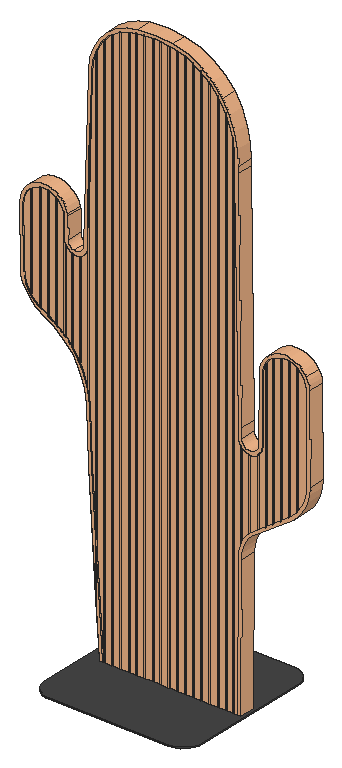
Revit family "Haworth_BuzziCactus_Gringo", category Furniture, Revit 2018 (continued)
Automatic sketch dimensions
  Extrusion 20 sketch curve to Extrusion 20 sketch curve = 1/4"
  Extrusion 20 sketch curve to plane 5 "Top" = 9.07804"
  Extrusion 20 sketch curve to plane 5 "Top" = 1.03581"
  plane 8 to Extrusion 21 sketch curve = 0.4561"
  Extrusion 21 sketch curve to plane 8 = 3.34502"
  Extrusion 21 sketch curve to Extrusion 21 sketch curve = 1/4"
  Extrusion 21 sketch curve to plane 5 "Top" = 9.07804"
  Extrusion 21 sketch curve to plane 5 "Top" = 1.49021"
  plane 8 to Extrusion 22 sketch curve = 0.4561"
  Extrusion 22 sketch curve to plane 8 = 4.34502"
  Extrusion 22 sketch curve to Extrusion 22 sketch curve = 1/4"
  Extrusion 22 sketch curve to plane 5 "Top" = 9.07804"
  Extrusion 22 sketch curve to plane 5 "Top" = 2.11579"
  plane 8 to Extrusion 23 sketch curve = 0.4561"
  Extrusion 23 sketch curve to plane 8 = 5.34502"
  Extrusion 23 sketch curve to Extrusion 23 sketch curve = 1/4"
  Extrusion 23 sketch curve to plane 5 "Top" = 9.07804"
  Extrusion 23 sketch curve to plane 5 "Top" = 2.96488"
  plane 8 to Extrusion 24 sketch curve = 0.4561"
  Extrusion 24 sketch curve to plane 8 = 6.34502"
  Extrusion 24 sketch curve to Extrusion 24 sketch curve = 1/4"
  Extrusion 24 sketch curve to plane 5 "Top" = 9.07804"
  Extrusion 24 sketch curve to plane 5 "Top" = 4.15174"
  plane 8 to Extrusion 25 sketch curve = 2.22921"
  Extrusion 25 sketch curve to plane 8 = 7.34502"
  Extrusion 25 sketch curve to Extrusion 25 sketch curve = 1/4"
  Extrusion 25 sketch curve to plane 5 "Top" = 10.2908"
  Extrusion 25 sketch curve to plane 5 "Top" = 5.92715"
  plane 8 to Extrusion 26 sketch curve = 2.22921"
  Extrusion 26 sketch curve to plane 8 = 8.22002"
  Extrusion 26 sketch curve to Extrusion 26 sketch curve = 1/4"
  Extrusion 26 sketch curve to plane 5 "Top" = 10.2908"
  Extrusion 26 sketch curve to plane 5 "Top" = 9.24994"
  Extrusion 27 sketch curve to plane 6 "Right" = 8.49482"
  Extrusion 27 sketch curve to Extrusion 27 sketch curve = 1/4"
  Extrusion 27 sketch curve to Extrusion 27 sketch curve = 0.91379"
  Extrusion 27 sketch curve to Extrusion 27 sketch curve = 3.83247"
  plane 11 "Base Top" to Extrusion 27 sketch curve = 17.14941"
  Extrusion 27 sketch curve to Extrusion 27 sketch curve = 1.63697"
  Extrusion 27 sketch curve to Extrusion 27 sketch curve = 9.97036"
  Extrusion 27 sketch curve to Extrusion 27 sketch curve = 0.25814"
  Extrusion 28 sketch curve to plane 6 "Right" = 7.49482"
  Extrusion 28 sketch curve to Extrusion 28 sketch curve = 0.16379"
  Extrusion 28 sketch curve to Extrusion 28 sketch curve = 1/4"
  Extrusion 28 sketch curve to Extrusion 28 sketch curve = 3.08247"
  plane 11 "Base Top" to Extrusion 28 sketch curve = 17.14941"
  Extrusion 28 sketch curve to Extrusion 28 sketch curve = 3.13761"
  Extrusion 28 sketch curve to Extrusion 28 sketch curve = 8.44412"
  Extrusion 28 sketch curve to Extrusion 28 sketch curve = 0.00668"
  plane 8 to Extrusion 29 sketch curve = 4.50229"
  Extrusion 29 sketch curve to plane 6 "Right" = 7.33104"
  Extrusion 29 sketch curve to Extrusion 29 sketch curve = 0.93377"
  Extrusion 29 sketch curve to Extrusion 29 sketch curve = 1/4"
  plane 11 "Base Top" to Extrusion 29 sketch curve = 21.08539"
  Extrusion 29 sketch curve to Extrusion 29 sketch curve = 0.15081"
  Extrusion 29 sketch curve to Extrusion 29 sketch curve = 8.05829"
  Extrusion 29 sketch curve to Extrusion 29 sketch curve = 0.26892"
  plane 8 to Extrusion 30 sketch curve = 4.50229"
  Extrusion 30 sketch curve to plane 6 "Right" = 4.64727"
  Extrusion 30 sketch curve to Extrusion 30 sketch curve = 1/4"
  Extrusion 30 sketch curve to Extrusion 30 sketch curve = 1.26363"
  plane 11 "Base Top" to Extrusion 30 sketch curve = 22.21148"
  Extrusion 30 sketch curve to Extrusion 30 sketch curve = 0.17489"
  Extrusion 30 sketch curve to Extrusion 30 sketch curve = 15.85622"
  Extrusion 30 sketch curve to Extrusion 30 sketch curve = 2.2568"
  plane 8 to Extrusion 31 sketch curve = 4.50229"
  Extrusion 31 sketch curve to plane 6 "Right" = 3.68134"
  Extrusion 31 sketch curve to Extrusion 31 sketch curve = 1/4"
  Extrusion 31 sketch curve to Extrusion 31 sketch curve = 0.54771"
  plane 11 "Base Top" to Extrusion 31 sketch curve = 22.90806"
  Extrusion 31 sketch curve to Extrusion 31 sketch curve = 0.18972"
  Extrusion 31 sketch curve to Extrusion 31 sketch curve = 15.14482"
  Extrusion 31 sketch curve to Extrusion 31 sketch curve = 2.66162"
  plane 8 to Extrusion 32 sketch curve = 4.50229"
  Extrusion 32 sketch curve to plane 6 "Right" = 3.13363"
  Extrusion 32 sketch curve to plane 6 "Right" = 2.68134"
  Extrusion 32 sketch curve to Extrusion 32 sketch curve = 1/4"
  plane 11 "Base Top" to Extrusion 32 sketch curve = 23.69165"
  Extrusion 32 sketch curve to Extrusion 32 sketch curve = 0.20654"
  Extrusion 32 sketch curve to Extrusion 32 sketch curve = 14.34441"
  Extrusion 32 sketch curve to Extrusion 32 sketch curve = 2.62507"
  Extrusion 33 sketch curve to plane 6 "Right" = 5.51388"
  Extrusion 33 sketch curve to plane 6 "Right" = 3.13363"
  Extrusion 33 sketch curve to plane 6 "Right" = 1.68134"
  Extrusion 33 sketch curve to Extrusion 33 sketch curve = 1/4"
  plane 11 "Base Top" to Extrusion 33 sketch curve = 24.60205"
  Extrusion 33 sketch curve to Extrusion 33 sketch curve = 0.30579"
  Extrusion 33 sketch curve to Extrusion 33 sketch curve = 10.25218"
  Extrusion 33 sketch curve to Extrusion 33 sketch curve = 2.11812"
  Extrusion 34 sketch curve to plane 5 "Top" = 2.71388"
  plane 8 to Extrusion 34 sketch curve = 7.52977"
  Extrusion 34 sketch curve to Extrusion 34 sketch curve = 1/4"
  plane 8 to Extrusion 34 sketch curve = 2.68069"
  Extrusion 34 sketch curve to Extrusion 34 sketch curve = 4.03446"
  plane 8 to Extrusion 35 sketch curve = 8.52977"
  Extrusion 35 sketch curve to Extrusion 35 sketch curve = 1/4"
  plane 8 to Extrusion 35 sketch curve = 2.68069"
  Extrusion 35 sketch curve to plane 5 "Top" = 6.74834"
  Extrusion 35 sketch curve to plane 5 "Top" = 4.38642"
  plane 8 to Extrusion 36 sketch curve = 4.50229"
  Extrusion 36 sketch curve to plane 6 "Right" = 5.44321"
  Extrusion 36 sketch curve to Extrusion 36 sketch curve = 1/4"
  Extrusion 36 sketch curve to Extrusion 36 sketch curve = 2.05957"
  plane 11 "Base Top" to Extrusion 36 sketch curve = 21.67858"
  Extrusion 36 sketch curve to Extrusion 36 sketch curve = 0.16354"
  Extrusion 36 sketch curve to Extrusion 36 sketch curve = 16.40047"
  Extrusion 36 sketch curve to Extrusion 36 sketch curve = 1.43181"
  Masking region 1 sketch curve to plane 7 "Left" = 8.06171"
  Masking region 1 sketch curve to plane 4 "Front" = 2 109/256"
  Masking region 1 sketch curve to plane 7 "Left" = 8.06883"
  Masking region 1 sketch curve to plane 3 "Back" = 2 109/256"  (x2)
  Masking region 1 sketch curve to Masking region 1 sketch curve = 0.00712"
  Masking region 1 sketch curve to plane 8 = 7.21955"
  Masking region 1 sketch curve to plane 4 "Front" = 2.42496"
  Masking region 1 sketch curve to plane 8 = 7.22037"
  Extrusion 37 sketch curve to Extrusion 37 sketch curve = 0"  (x117)
  Extrusion 37 sketch curve to plane 11 "Base Top" = 0"  (x2)
  Extrusion 37 sketch curve to plane 6 "Right" = 0"  (x2)
  Extrusion 37 sketch curve to plane 6 "Right" = 2.78818"
  Extrusion 37 sketch curve to Extrusion 37 sketch curve = 0.34545"
  Extrusion 37 sketch curve to plane 6 "Right" = 4.41235"
  Extrusion 37 sketch curve to plane 6 "Right" = 5.51388"
  Extrusion 37 sketch curve to Extrusion 37 sketch curve = 1.81715"
  Extrusion 37 sketch curve to plane 6 "Right" = 8.53479"
  Extrusion 37 sketch curve to Extrusion 37 sketch curve = 0.39852"
  Extrusion 37 sketch curve to plane 8 = 2.46924"
  plane 8 to Extrusion 37 sketch curve = 0.4561"
  plane 8 to Extrusion 37 sketch curve = 1.63765"
  Extrusion 37 sketch curve to Extrusion 37 sketch curve = 1.77311"
  plane 8 to Extrusion 37 sketch curve = 2.68069"
  plane 8 to Extrusion 37 sketch curve = 4.50229"
  plane 8 to Extrusion 37 sketch curve = 7.61169"
  Extrusion 37 sketch curve to Extrusion 37 sketch curve = 0.39988"
  Extrusion 37 sketch curve to Extrusion 37 sketch curve = 5.81196"
  Extrusion 37 sketch curve to Extrusion 37 sketch curve = 0.25439"
  Extrusion 37 sketch curve to Extrusion 37 sketch curve = 0.31951"
  Extrusion 37 sketch curve to Extrusion 37 sketch curve = 0.01734"
  Extrusion 37 sketch curve to Extrusion 37 sketch curve = 2.0035"
  Extrusion 37 sketch curve to Extrusion 37 sketch curve = 2.6506"
  Extrusion 37 sketch curve to Extrusion 37 sketch curve = 1.91443"
  plane 7 "Left" to Extrusion 37 sketch curve = 0.67074"
  plane 7 "Left" to Extrusion 37 sketch curve = 0.93257"
  plane 7 "Left" to Extrusion 37 sketch curve = 4.16436"
  Extrusion 37 sketch curve to plane 5 "Top" = 25.26003"
  plane 7 "Left" to Extrusion 37 sketch curve = 31.45639"
  plane 11 "Base Top" to Extrusion 37 sketch curve = 30.56644"
  Extrusion 37 sketch curve to Extrusion 37 sketch curve = 278 21/32"
  Extrusion 37 sketch curve to plane 5 "Top" = 34.90472"
  Extrusion 37 sketch curve to Extrusion 37 sketch curve = 132.70285"
  plane 11 "Base Top" to Extrusion 37 sketch curve = 13.0302"
  Extrusion 37 sketch curve to Extrusion 37 sketch curve = 154.72301"
  plane 11 "Base Top" to Extrusion 37 sketch curve = 35.24752"
  Extrusion 37 sketch curve to Extrusion 37 sketch curve = 67.12653"
  plane 6 "Right" to Extrusion 37 sketch curve = 0.18518"
  plane 6 "Right" to Extrusion 37 sketch curve = 26.00201"
  Extrusion 37 sketch curve to plane 5 "Top" = 24.6746"
  Extrusion 37 sketch curve to Extrusion 37 sketch curve = 490.21009"
  Extrusion 37 sketch curve to Extrusion 37 sketch curve = 72.20432"
  Extrusion 37 sketch curve to Extrusion 37 sketch curve = 34.7489"
  Extrusion 37 sketch curve to plane 5 "Top" = 20.50846"
  Extrusion 37 sketch curve to Extrusion 37 sketch curve = 78.33031"
  plane 11 "Base Top" to Extrusion 37 sketch curve = 17.14941"
  plane 11 "Base Top" to Extrusion 37 sketch curve = 22.24829"
  Extrusion 37 sketch curve to Extrusion 37 sketch curve = 4.89821"
  Extrusion 37 sketch curve to Extrusion 37 sketch curve = 10.84101"
  Extrusion 37 sketch curve to Extrusion 37 sketch curve = 2.4228"
  Extrusion 37 sketch curve to Extrusion 37 sketch curve = 3.38303"
  Extrusion 37 sketch curve to plane 5 "Top" = 34.08133"
  Extrusion 37 sketch curve to Extrusion 37 sketch curve = 7.52368"
  Extrusion 37 sketch curve to Extrusion 37 sketch curve = 7.82938"
  Extrusion 37 sketch curve to Extrusion 37 sketch curve = 0.21827"
  Extrusion 37 sketch curve to Extrusion 37 sketch curve = 12.64036"
  Extrusion 37 sketch curve to Extrusion 37 sketch curve = 3.51275"
  Extrusion 37 sketch curve to Extrusion 37 sketch curve = 1.305"
  Extrusion 37 sketch curve to Extrusion 37 sketch curve = 0.08574"
  Extrusion 37 sketch curve to Extrusion 37 sketch curve = 0.04624"
  Extrusion 37 sketch curve to Extrusion 37 sketch curve = 2.02354"
  Extrusion 37 sketch curve to Extrusion 37 sketch curve = 0.48609"
  Extrusion 37 sketch curve to Extrusion 37 sketch curve = 2.98844"
  Extrusion 37 sketch curve to Extrusion 37 sketch curve = 12.75643"
  Extrusion 37 sketch curve to Extrusion 37 sketch curve = 6.3944"
  Extrusion 37 sketch curve to plane 5 "Top" = 11.16429"
  Extrusion 37 sketch curve to Extrusion 37 sketch curve = 6.47474"
  Extrusion 37 sketch curve to Extrusion 37 sketch curve = 1.21275"
  Extrusion 37 sketch curve to Extrusion 37 sketch curve = 2.32971"
  Extrusion 37 sketch curve to plane 5 "Top" = 6.53029"
  Extrusion 37 sketch curve to plane 6 "Right" = 51/128"
  Extrusion 37 sketch curve to Extrusion 37 sketch curve = 0.0029"
  Extrusion 37 sketch curve to Extrusion 37 sketch curve = 0.00277"
  Extrusion 37 sketch curve to Extrusion 37 sketch curve = 0.00303"
  Extrusion 37 sketch curve to Extrusion 37 sketch curve = 0.39806"
  Extrusion 38 sketch curve to plane 7 "Left" = 1.23717"
  Extrusion 38 sketch curve to Extrusion 38 sketch curve = 1/4"
  Extrusion 38 sketch curve to Extrusion 38 sketch curve = 1.6716"
  Extrusion 38 sketch curve to Extrusion 38 sketch curve = 3.26283"
  Extrusion 38 sketch curve to plane 5 "Top" = 21 27/32"
  Extrusion 38 sketch curve to Extrusion 38 sketch curve = 0.18815"
  Extrusion 38 sketch curve to Extrusion 38 sketch curve = 6.97327"
  Extrusion 38 sketch curve to Extrusion 38 sketch curve = 2.56829"
  Extrusion 39 sketch curve to plane 7 "Left" = 2.35935"
  Extrusion 39 sketch curve to Extrusion 39 sketch curve = 1/4"
  Extrusion 39 sketch curve to Extrusion 39 sketch curve = 0.29942"
  Extrusion 39 sketch curve to Extrusion 39 sketch curve = 4.49183"
  Extrusion 39 sketch curve to plane 5 "Top" = 21.43357"
  Extrusion 39 sketch curve to Extrusion 39 sketch curve = 0.0418"
  Extrusion 39 sketch curve to Extrusion 39 sketch curve = 3.46052"
  Extrusion 39 sketch curve to Extrusion 39 sketch curve = 7.15442"
  plane 7 "Left" to Extrusion 40 sketch curve = 4.16436"
  Extrusion 40 sketch curve to plane 7 "Left" = 2.90877"
  Extrusion 40 sketch curve to Extrusion 40 sketch curve = 0.44678"
  Extrusion 40 sketch curve to Extrusion 40 sketch curve = 1/4"
  Extrusion 40 sketch curve to plane 5 "Top" = 21.45514"
  Extrusion 40 sketch curve to Extrusion 40 sketch curve = 0.05697"
  Extrusion 40 sketch curve to Extrusion 40 sketch curve = 11.2256"
  Extrusion 40 sketch curve to Extrusion 40 sketch curve = 0.14464"
  plane 7 "Left" to Extrusion 41 sketch curve = 0.93257"
  Extrusion 41 sketch curve to plane 7 "Left" = 2.90877"
  Extrusion 41 sketch curve to Extrusion 41 sketch curve = 1.4127"
  Extrusion 41 sketch curve to Extrusion 41 sketch curve = 1/4"
  Extrusion 41 sketch curve to plane 5 "Top" = 21.83789"
  Extrusion 41 sketch curve to Extrusion 41 sketch curve = 0.18646"
  Extrusion 41 sketch curve to Extrusion 41 sketch curve = 11.82096"
  Extrusion 41 sketch curve to Extrusion 41 sketch curve = 0.17452"
  plane 7 "Left" to Extrusion 42 sketch curve = 31.45639"
  plane 7 "Left" to Extrusion 42 sketch curve = 0.93257"
  Extrusion 42 sketch curve to plane 7 "Left" = 2.90877"
  Extrusion 42 sketch curve to Extrusion 42 sketch curve = 1.91443"
  Extrusion 42 sketch curve to plane 7 "Left" = 5.35675"
  Extrusion 42 sketch curve to Extrusion 42 sketch curve = 1/4"
  Extrusion 42 sketch curve to Extrusion 42 sketch curve = 1.20261"
  Extrusion 42 sketch curve to plane 5 "Top" = 23.1885"
  Extrusion 42 sketch curve to Extrusion 42 sketch curve = 0.31825"
  Extrusion 42 sketch curve to Extrusion 42 sketch curve = 0.48609"
  Extrusion 42 sketch curve to plane 5 "Top" = 25.26003"
  Extrusion 42 sketch curve to Extrusion 42 sketch curve = 2.70392"
  Extrusion 42 sketch curve to Extrusion 42 sketch curve = 0.61486"
  Extrusion 42 sketch curve to Extrusion 42 sketch curve = 9.94507"
  Extrusion 42 sketch curve to Extrusion 42 sketch curve = 0.23351"
  Extrusion 42 sketch curve to Extrusion 42 sketch curve = 0"  (x2)
  plane 7 "Left" to Extrusion 43 sketch curve = 0.93257"
  Extrusion 43 sketch curve to plane 7 "Left" = 6.24063"
  Extrusion 43 sketch curve to Extrusion 43 sketch curve = 1/4"
  Extrusion 43 sketch curve to Extrusion 43 sketch curve = 0.56872"
  Extrusion 43 sketch curve to Extrusion 43 sketch curve = 0.01734"
  Extrusion 43 sketch curve to plane 5 "Top" = 26.01639"
  Extrusion 43 sketch curve to Extrusion 43 sketch curve = 0.04624"
  Extrusion 43 sketch curve to Extrusion 43 sketch curve = 1.2251"
  Extrusion 43 sketch curve to Extrusion 43 sketch curve = 0.04826"
  Extrusion 43 sketch curve to Extrusion 43 sketch curve = 10.15842"
  Extrusion 43 sketch curve to Extrusion 43 sketch curve = 0.30828"
  plane 7 "Left" to Extrusion 44 sketch curve = 0.93257"
  Extrusion 44 sketch curve to plane 7 "Left" = 6.82669"
  Extrusion 44 sketch curve to Extrusion 44 sketch curve = 0.41393"
  Extrusion 44 sketch curve to Extrusion 44 sketch curve = 1/4"
  Extrusion 44 sketch curve to plane 5 "Top" = 26.01639"
  Extrusion 44 sketch curve to Extrusion 44 sketch curve = 1.23262"
  Extrusion 44 sketch curve to Extrusion 44 sketch curve = 11.61264"
  Extrusion 44 sketch curve to Extrusion 44 sketch curve = 0.47101"
  plane 7 "Left" to Extrusion 45 sketch curve = 0.93257"
  Extrusion 45 sketch curve to plane 7 "Left" = 8.26416"
  Extrusion 45 sketch curve to plane 7 "Left" = 8.51416"
  Extrusion 45 sketch curve to plane 5 "Top" = 21.3249"
  plane 6 "Right" to Extrusion 45 sketch curve = 588.41642"
  Extrusion 45 sketch curve to Extrusion 45 sketch curve = 34.7489"
  Extrusion 45 sketch curve to plane 5 "Top" = 12.38674"
  Extrusion 45 sketch curve to Extrusion 45 sketch curve = 9.63008"
  Extrusion 45 sketch curve to Extrusion 45 sketch curve = 19.653"
  Extrusion 45 sketch curve to Extrusion 45 sketch curve = 1.93666"
  Extrusion 45 sketch curve to Extrusion 45 sketch curve = 1.47229"
  Extrusion 46 sketch curve to plane 11 "Base Top" = 0"
  Extrusion 46 sketch curve to plane 5 "Top" = 1.75084"
  plane 8 to Extrusion 46 sketch curve = 6.52977"
  Extrusion 46 sketch curve to Extrusion 46 sketch curve = 1/4"
  plane 8 to Extrusion 46 sketch curve = 2.68069"
  Extrusion 46 sketch curve to Extrusion 46 sketch curve = 0.18295"
  Extrusion 47 sketch curve to plane 11 "Base Top" = 0"
  Extrusion 47 sketch curve to plane 5 "Top" = 1.12044"
  plane 8 to Extrusion 47 sketch curve = 5.52977"
  Extrusion 47 sketch curve to Extrusion 47 sketch curve = 1/4"
  plane 8 to Extrusion 47 sketch curve = 2.68069"
  Extrusion 47 sketch curve to Extrusion 47 sketch curve = 0.11973"
  Extrusion 48 sketch curve to plane 11 "Base Top" = 0"
  Extrusion 48 sketch curve to plane 5 "Top" = 0.71747"
  plane 8 to Extrusion 48 sketch curve = 4.52977"
  Extrusion 48 sketch curve to Extrusion 48 sketch curve = 1/4"
  plane 8 to Extrusion 48 sketch curve = 2.68069"
  Extrusion 48 sketch curve to Extrusion 48 sketch curve = 0.07105"
  Extrusion 49 sketch curve to plane 11 "Base Top" = 0"
  Extrusion 49 sketch curve to plane 5 "Top" = 0.50842"
  plane 8 to Extrusion 49 sketch curve = 3.60475"
  Extrusion 49 sketch curve to Extrusion 49 sketch curve = 1/4"
  plane 8 to Extrusion 49 sketch curve = 2.68069"
  Extrusion 49 sketch curve to Extrusion 49 sketch curve = 0.03193"
  Extrusion 50 sketch curve to plane 11 "Base Top" = 0"
  Extrusion 50 sketch curve to plane 5 "Top" = 0.41479"
  plane 8 to Extrusion 50 sketch curve = 2.60475"
  Extrusion 50 sketch curve to Extrusion 50 sketch curve = 1/4"
  plane 8 to Extrusion 50 sketch curve = 1.63765"
  Extrusion 50 sketch curve to Extrusion 50 sketch curve = 0.01287"
  Extrusion 51 sketch curve to plane 11 "Base Top" = 0"
  plane 8 to Extrusion 51 sketch curve = 1.63765"
  plane 8 to Extrusion 51 sketch curve = 1.60475"
  Extrusion 51 sketch curve to Extrusion 51 sketch curve = 1/4"
  Extrusion 51 sketch curve to plane 5 "Top" = 16.76553"
  Extrusion 51 sketch curve to plane 5 "Top" = 0.38866"
  Extrusion 52 sketch curve to plane 11 "Base Top" = 0"
  plane 8 to Extrusion 52 sketch curve = 1.63765"
  plane 8 to Extrusion 52 sketch curve = 0.65254"
  Extrusion 52 sketch curve to Extrusion 52 sketch curve = 1/4"
  Extrusion 52 sketch curve to plane 5 "Top" = 16.76553"
  Extrusion 52 sketch curve to plane 5 "Top" = 0.43285"
  Extrusion 53 sketch curve to plane 11 "Base Top" = 0"
  plane 8 to Extrusion 53 sketch curve = 1.63765"
  Extrusion 53 sketch curve to plane 8 = 0.34746"
  Extrusion 53 sketch curve to Extrusion 53 sketch curve = 1/4"
  Extrusion 53 sketch curve to plane 5 "Top" = 16.76553"
  Extrusion 53 sketch curve to plane 5 "Top" = 0.53943"
  Extrusion 54 sketch curve to plane 11 "Base Top" = 0"
  plane 8 to Extrusion 54 sketch curve = 0.4561"
  Extrusion 54 sketch curve to plane 8 = 1.34746"
  Extrusion 54 sketch curve to Extrusion 54 sketch curve = 1/4"
  Extrusion 54 sketch curve to plane 5 "Top" = 9.07804"
  Extrusion 54 sketch curve to plane 5 "Top" = 0.72522"
  Extrusion 55 sketch curve to plane 11 "Base Top" = 0"
  plane 8 to Extrusion 55 sketch curve = 0.4561"
  Extrusion 55 sketch curve to plane 8 = 2.34502"
  Extrusion 55 sketch curve to Extrusion 55 sketch curve = 1/4"
  Extrusion 55 sketch curve to plane 5 "Top" = 9.07804"
  Extrusion 55 sketch curve to plane 5 "Top" = 1.03581"
  Extrusion 56 sketch curve to plane 11 "Base Top" = 0"
  plane 8 to Extrusion 56 sketch curve = 0.4561"
  Extrusion 56 sketch curve to plane 8 = 3.34502"
  Extrusion 56 sketch curve to Extrusion 56 sketch curve = 1/4"
  Extrusion 56 sketch curve to plane 5 "Top" = 9.07804"
  Extrusion 56 sketch curve to plane 5 "Top" = 1.49021"
  Extrusion 57 sketch curve to plane 11 "Base Top" = 0"
  plane 8 to Extrusion 57 sketch curve = 0.4561"
  Extrusion 57 sketch curve to plane 8 = 4.34502"
  Extrusion 57 sketch curve to Extrusion 57 sketch curve = 1/4"
  Extrusion 57 sketch curve to plane 5 "Top" = 9.07804"
  Extrusion 57 sketch curve to plane 5 "Top" = 2.11579"
  Extrusion 58 sketch curve to plane 11 "Base Top" = 0"
  plane 8 to Extrusion 58 sketch curve = 0.4561"
  Extrusion 58 sketch curve to plane 8 = 5.34502"
  Extrusion 58 sketch curve to Extrusion 58 sketch curve = 1/4"
  Extrusion 58 sketch curve to plane 5 "Top" = 9.07804"
  Extrusion 58 sketch curve to plane 5 "Top" = 2.96488"
  Extrusion 59 sketch curve to plane 11 "Base Top" = 0"
  plane 8 to Extrusion 59 sketch curve = 0.4561"
  Extrusion 59 sketch curve to plane 8 = 6.34502"
  Extrusion 59 sketch curve to Extrusion 59 sketch curve = 1/4"
  Extrusion 59 sketch curve to plane 5 "Top" = 9.07804"
  Extrusion 59 sketch curve to plane 5 "Top" = 4.15174"
  Extrusion 60 sketch curve to plane 11 "Base Top" = 0"
  plane 8 to Extrusion 60 sketch curve = 2.22921"
  Extrusion 60 sketch curve to plane 8 = 7.34502"
  Extrusion 60 sketch curve to Extrusion 60 sketch curve = 1/4"
  Extrusion 60 sketch curve to plane 5 "Top" = 10.2908"
  Extrusion 60 sketch curve to plane 5 "Top" = 5.92715"
  Extrusion 61 sketch curve to plane 11 "Base Top" = 0"
  plane 8 to Extrusion 61 sketch curve = 2.22921"
  Extrusion 61 sketch curve to plane 8 = 8.22002"
  Extrusion 61 sketch curve to Extrusion 61 sketch curve = 1/4"
  Extrusion 61 sketch curve to plane 5 "Top" = 10.2908"
  Extrusion 61 sketch curve to plane 5 "Top" = 9.24994"
  Extrusion 62 sketch curve to plane 6 "Right" = 8.49482"
  Extrusion 62 sketch curve to Extrusion 62 sketch curve = 1/4"
  Extrusion 62 sketch curve to Extrusion 62 sketch curve = 1.16379"
  Extrusion 62 sketch curve to Extrusion 62 sketch curve = 3.83247"
  plane 11 "Base Top" to Extrusion 62 sketch curve = 30.41322"
  Extrusion 62 sketch curve to Extrusion 62 sketch curve = 0.87697"
  Extrusion 62 sketch curve to Extrusion 62 sketch curve = 9.97036"
  Extrusion 62 sketch curve to Extrusion 62 sketch curve = 0.52136"
  Extrusion 63 sketch curve to plane 6 "Right" = 7.49482"
  Extrusion 63 sketch curve to Extrusion 63 sketch curve = 0.16379"
  Extrusion 63 sketch curve to Extrusion 63 sketch curve = 1/4"
  Extrusion 63 sketch curve to Extrusion 63 sketch curve = 3.08247"
  plane 11 "Base Top" to Extrusion 63 sketch curve = 30.41322"
  Extrusion 63 sketch curve to Extrusion 63 sketch curve = 1.44798"
  Extrusion 63 sketch curve to Extrusion 63 sketch curve = 8.44412"
  Extrusion 63 sketch curve to Extrusion 63 sketch curve = 0.22741"
  plane 8 to Extrusion 64 sketch curve = 4.50229"
  Extrusion 64 sketch curve to plane 6 "Right" = 7.33104"
  Extrusion 64 sketch curve to Extrusion 64 sketch curve = 0.93377"
  Extrusion 64 sketch curve to Extrusion 64 sketch curve = 1/4"
  Extrusion 64 sketch curve to plane 5 "Top" = 23.15993"
  Extrusion 64 sketch curve to Extrusion 64 sketch curve = 17.17983"
  Extrusion 64 sketch curve to Extrusion 64 sketch curve = 0.8498"
  Extrusion 64 sketch curve to Extrusion 64 sketch curve = 8.05829"
  plane 8 to Extrusion 65 sketch curve = 4.50229"
  Extrusion 65 sketch curve to plane 6 "Right" = 4.64727"
  Extrusion 65 sketch curve to Extrusion 65 sketch curve = 1/4"
  Extrusion 65 sketch curve to Extrusion 65 sketch curve = 1.26363"
  Extrusion 65 sketch curve to plane 5 "Top" = 23.15993"
  Extrusion 65 sketch curve to Extrusion 65 sketch curve = 6.94474"
  Extrusion 65 sketch curve to Extrusion 65 sketch curve = 0.14891"
  Extrusion 65 sketch curve to Extrusion 65 sketch curve = 15.85622"
  plane 8 to Extrusion 66 sketch curve = 4.50229"
  Extrusion 66 sketch curve to plane 6 "Right" = 3.68134"
  Extrusion 66 sketch curve to Extrusion 66 sketch curve = 1/4"
  Extrusion 66 sketch curve to Extrusion 66 sketch curve = 0.29771"
  Extrusion 66 sketch curve to plane 5 "Top" = 23.15993"
  Extrusion 66 sketch curve to Extrusion 66 sketch curve = 6.64942"
  Extrusion 66 sketch curve to Extrusion 66 sketch curve = 0.03941"
  Extrusion 66 sketch curve to Extrusion 66 sketch curve = 15.14482"
  plane 8 to Extrusion 67 sketch curve = 4.50229"
  Extrusion 67 sketch curve to plane 6 "Right" = 3.13363"
  Extrusion 67 sketch curve to plane 6 "Right" = 2.68134"
  Extrusion 67 sketch curve to Extrusion 67 sketch curve = 1/4"
  Extrusion 67 sketch curve to plane 5 "Top" = 23.15993"
  Extrusion 67 sketch curve to Extrusion 67 sketch curve = 6.67097"
  Extrusion 67 sketch curve to Extrusion 67 sketch curve = 0.05441"
  Extrusion 67 sketch curve to Extrusion 67 sketch curve = 14.34441"
  Extrusion 68 sketch curve to plane 6 "Right" = 5.51388"
  Extrusion 68 sketch curve to plane 6 "Right" = 3.13363"
  Extrusion 68 sketch curve to plane 6 "Right" = 1.68134"
  Extrusion 68 sketch curve to Extrusion 68 sketch curve = 1/4"
  Extrusion 68 sketch curve to plane 5 "Top" = 30.21364"
  Extrusion 68 sketch curve to Extrusion 68 sketch curve = 0.17863"
  Extrusion 68 sketch curve to Extrusion 68 sketch curve = 10.25218"
  Extrusion 68 sketch curve to Extrusion 68 sketch curve = 3.08257"
  Extrusion 69 sketch curve to plane 11 "Base Top" = 0"
  Extrusion 69 sketch curve to plane 5 "Top" = 2.71388"
  plane 8 to Extrusion 69 sketch curve = 7.52977"
  Extrusion 69 sketch curve to Extrusion 69 sketch curve = 1/4"
  plane 8 to Extrusion 69 sketch curve = 2.68069"
  Extrusion 69 sketch curve to Extrusion 69 sketch curve = 0.28282"
  Extrusion 70 sketch curve to plane 11 "Base Top" = 0"
  plane 8 to Extrusion 70 sketch curve = 8.52977"
  Extrusion 70 sketch curve to Extrusion 70 sketch curve = 1/4"
  plane 8 to Extrusion 70 sketch curve = 2.68069"
  Extrusion 70 sketch curve to plane 5 "Top" = 6.74834"
  Extrusion 70 sketch curve to plane 5 "Top" = 4.38642"
  plane 8 to Extrusion 71 sketch curve = 4.50229"
  Extrusion 71 sketch curve to plane 6 "Right" = 5.44321"
  Extrusion 71 sketch curve to Extrusion 71 sketch curve = 1/4"
  Extrusion 71 sketch curve to Extrusion 71 sketch curve = 2.30957"
  Extrusion 71 sketch curve to plane 5 "Top" = 23.15993"
  Extrusion 71 sketch curve to Extrusion 71 sketch curve = 7.57778"
  Extrusion 71 sketch curve to Extrusion 71 sketch curve = 0.34086"
  Extrusion 71 sketch curve to Extrusion 71 sketch curve = 16.40047"
